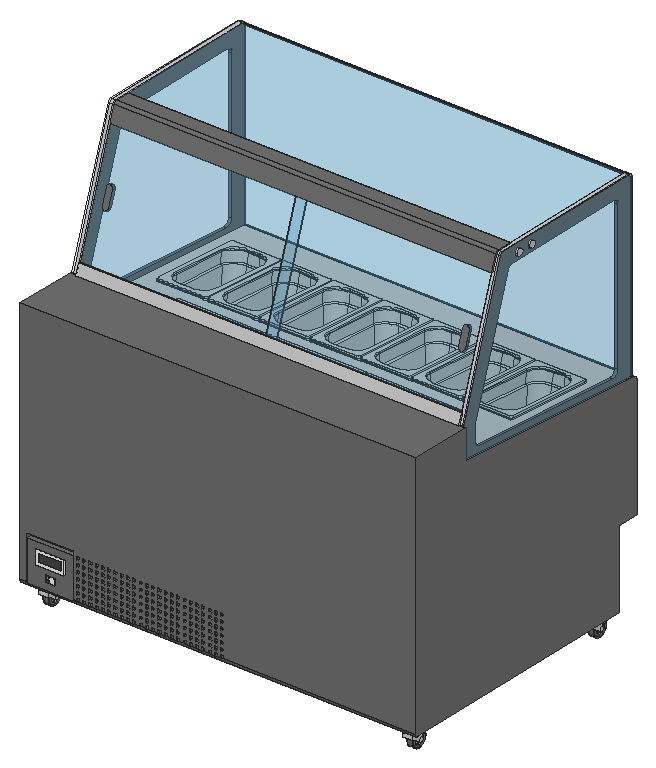
Revit family "QF_BLIZZARD_LUXE9_250923021445", category Specialty Equipment, Revit 2021
Family settings
  Round Connector Dimension = Use Diameter
  Part Type = Normal
  OmniClass Number = 23.40.40.14
  OmniClass Title = Food Service Equipment
  Work Plane-Based = No
  Always vertical = Yes
  Cut with Voids When Loaded = No
  Shared = No
  Room Calculation Point = No
Parameters (values of type "SUNDAE9")
  Weight [instance] = 279.00 kg
  Warranty Start Date [instance] = ""
  Warranty Duration [instance] = ""
  Volts [instance] = 230 V
  Volt Free Conn [instance] = no
  URL Recommended Spares List [instance] = ""
  URL Manufacturer [instance] = ""
  URL Cutsheet [instance] = ""
  URL Critical Spares List [instance] = ""
  URL = "www.blizzardequipment.com"
  Technical Documentation [instance] = ""
  Tag Number [instance] = ""
  Status [instance] = ""
  Start Up Current [instance] = 0 A
  Specification by User [instance] = ""
  Specification by Manufacturer [instance] = ""
  Sound Level [instance] = ""
  Show Logo [instance] = yes
  Show Clearances [instance] = yes
  Service Life Duration [instance] = ""
  Serial Number [instance] = ""
  Seismic Rating [instance] = ""
  SMACNA No [instance] = ""
  Revision Code [instance] = ""
  Revision [instance] = ""
  Production Year [instance] = ""
  Potential Equalisation [instance] = no
  Point Load [instance] = 0
  Phase [instance] = 1
  Other Equipment Approvals [instance] = ""
  Operational Current [instance] = 0 A
  Number of Poles [instance] = 2
  No Load Power Draw [instance] = no
  NAFEM Spec ID Number [instance] = ""
  Model Warning [instance] = ""
  Model = "LUXE9"
  Min Ckt Ampacity [instance] = 0 A
  Max Overcurrent Protection [instance] = 16 A
  Masterspec [instance] = ""
  Manufacturer = "BLIZZARD"
  Main switch integrated [instance] = no
  Length Actual [instance] = 1260 mm
  Item Number [instance] = ""
  Installed By [instance] = ""
  Installation Date [instance] = ""
  Identify Quantity as Lot [instance] = no
  ID [instance] = ""
  Hygiene Approval [instance] = ""
  Height Actual [instance] = 1300 mm
  HP power [instance] = ""
  Furnished By [instance] = ""
  Foodservice Equipment Identifier [instance] = no
  FL Amps [instance] = 13 A
  Electrical Remarks [instance] = ""
  Electric power [instance] = 2990 W
  Electric Connection Type [instance] = ""
  Elec Conn RI Height [instance] = 0 mm
  Elec Conn Connection Height [instance] = 0 mm
  ETL Approved [instance] = no
  Description = "9 PAN ICE CREAM SERVE OVER"
  Depth Actual [instance] = 880 mm
  Default Elevation = 0 mm
  Cycle [instance] = 50 Hz
  Cost = 4013
  Connection to energy optimisation system [instance] = yes
  Conn Plug [instance] = ""
  Conn Conduit [instance] = no
  Centralized building control system with digital interface [instance] = ""
  CSI MasterFormat [instance] = ""
  CE Approved [instance] = no
  Barcode [instance] = 0
  Author [instance] = ""
  Asset Identifier [instance] = ""
  Apparent Power [instance] = 2990 VA
  Accessory [instance] = no
Reference planes
  plane 1 "Center (Front/Back)": y = 0
  plane 2: z = 0
  plane 3 "Center (Left/Right)": x = 0
Forms (mm)
  Extrusion 1, solid, not visible
    sketch origin (100.005, -878.043, 110.005) x (1, 0, 0) y (0, 1, 0)
      loop
        line (-2, 2) -> (-2, -2) -> (2, -2) -> (2, 2) -> (-2, 2)
    from -2 to 2
Dimensions and locks
  locked: nested 2 to Extrusion 1 at 4
  locked: nested 2 to Extrusion 1 at 2
  aligned and locked: level to plane 2
Nested families
  nested 1: "QF_BLIZZARD_SUNDAE9_2920" at (0, 0, 0), type "SUNDAE9"
    with Weight 279.00 kg, Warranty Start Date "", Warranty Duration "", URL Cutsheet "", Technical Documentation "", Tag Number "", Status "", Specification by User "", Specification by Manufacturer "", Sound Level "", Solid Fuel Type "", Show Logo yes, Show Clearances yes, Service Life Duration "", Serial Number "", Seismic Rating "", SMACNA No "", Revision Code "", Revision "", Production Year "", Point Load 0, Other Equipment Approvals "", NAFEM Spec ID Number "", Model Warning "", Masterspec "", Length Actual 1260 mm, Item Number "", Installed By "", Installation Date "", Identify Quantity as Lot yes, ID "", Hygiene Approval "", Height Actual 1300 mm, Furnished By "", Foodservice Equipment Identifier yes, ETL Approved yes, Depth Actual 880 mm, CSI MasterFormat "", CE Approved yes, Barcode "", Asset Identifier "", Accessory no
  nested 2: "CONN_POINT_ELE_2D___Generic_Annotation" at (100.005, -880.043, 110.005), type "CONN_POINT_ELE_2D___Generic_Annotation"
    with Onboard connection annotation symbol visibility yes
Connectors
  electrical at (100.005, -880.043, 110.005), driven by "Apparent Power", driven by "Number of Poles", driven by "Volts"
    settings: on Extrusion 1, index 1, voltage 230 V, apparent load 0 VA, apparent load phase1 2990 VA, apparent load phase2 0 VA, apparent load phase3 0 VA, power factor 1, load classification "Other", number of poles 2, system type 31, power factor state 1, is connector primary yes, connector utility no, sub classification motor no, connector description "Electrical connection for LUXE9"
Definition of nested family "QF_BLIZZARD_SUNDAE9_2920"
  Parameters (values of type "SUNDAE9")
    Weight [instance] = 0.00 kg
    Warranty Start Date [instance] = ""
    Warranty Duration [instance] = ""
    URL Cutsheet [instance] = ""
    URL = "www.blizzardequipment.com"
    Technical Documentation [instance] = ""
    Tag Number [instance] = ""
    Status [instance] = ""
    Specification by User [instance] = ""
    Specification by Manufacturer [instance] = ""
    Sound Level [instance] = ""
    Solid Fuel Type [instance] = ""
    Show Logo [instance] = yes
    Show Clearances [instance] = yes
    Service Life Duration [instance] = ""
    Serial Number [instance] = ""
    Seismic Rating [instance] = ""
    SMACNA No [instance] = ""
    Revision Code [instance] = ""
    Revision [instance] = ""
    Production Year [instance] = ""
    Point Load [instance] = 0
    Other Equipment Approvals [instance] = ""
    NAFEM Spec ID Number [instance] = ""
    Model Warning [instance] = ""
    Model = "LUXE9"
    Masterspec [instance] = ""
    Manufacturer = "BLIZZARD"
    Length Actual [instance] = 0 mm
    Item Number [instance] = ""
    Installed By [instance] = ""
    Installation Date [instance] = ""
    Identify Quantity as Lot [instance] = yes
    ID [instance] = ""
    Hygiene Approval [instance] = ""
    Height Actual [instance] = 0 mm
    Furnished By [instance] = ""
    Foodservice Equipment Identifier [instance] = yes
    ETL Approved [instance] = yes
    Description = "9 PAN ICE CREAM SERVE OVER"
    Depth Actual [instance] = 0 mm
    Default Elevation = 0 mm
    CSI MasterFormat [instance] = ""
    CE Approved [instance] = yes
    Barcode [instance] = ""
    Author = "SPECIFI"
    Asset Identifier [instance] = ""
    Assembly Code = "E1090320"
    Accessory [instance] = yes
  Reference planes
    plane 1 "Back": y = 0
    plane 2: z = 0
    plane 3 "Left": x = 0
    plane 4 "Right": x = 1260
    plane 5 "Front": y = -880
    plane 6 "Top": z = 1300
  Forms (mm)
    Extrusion 1, solid
      sketch origin (1254.5, -20.5, -39.345) x (-1, 0, 0) y (0, -1, 0)
        loop
          line (56, 104) -> (58, 104)
          arc (58, 104) -> (44.5, 117.5) -> (31, 104) r 13.5
          line (31, 104) -> (33, 104)
          arc (33, 104) -> (44.5, 115.5) -> (56, 104) r 11.5
      from 61.345 to 98.345
    Extrusion 2, solid
      sketch origin (1223.5, -37.722, -47.526) x (0, 1, 0) y (0, 0, -1)
        loop
          line (-86.778, -84.526) -> (-86.778, -106.526) -> (-55.778, -106.526) -> (-55.778, -101.526) -> (-47.778, -72.526)
          arc (-47.778, -72.526) -> (-50.121, -66.869) -> (-55.778, -64.526) r 8
          line (-55.778, -64.526) -> (-86.778, -84.526)
      from 0 to 2
    Revolve 3, solid
      sketch origin (1241.5, -93.5, -25.119) x (-1, 0, 0) y (0, 0, -1)
        loop
          arc (23.5, -25.119) -> (22.086, -25.705) -> (21.5, -27.119) r 2
          line (21.5, -27.119) -> (21.5, -35.119) -> (41.5, -35.119) -> (41.5, -27.119)
          arc (41.5, -27.119) -> (40.914, -25.705) -> (39.5, -25.119) r 2
          line (39.5, -25.119) -> (23.5, -25.119)
        axis (21.5, -50.119) -> (41.5, -50.119)
      angle from 0 to 360
    Extrusion 4, solid
      sketch origin (1231.11, -17.705, -12.526) x (0, 1, 0) y (0, 0, -1)
        loop
          circle (-75.795, -37.526) r 6
      from 6.11 to 36.11
    Extrusion 5, solid
      sketch origin (1215, 628.948, -19.119) x (0, 1, 0) y (0, 0, -1)
        loop
          circle (-722.448, -44.119) r 13
      from 0 to 10
    Extrusion 6, solid
      sketch origin (-293.569, 626.454, 57) x (-1, 0, 0) y (0, -1, 0)
        loop
          arc (-1492.069, 750.954) -> (-1503.569, 762.454) -> (-1515.069, 750.954) r 11.5
          line (-1515.069, 750.954) -> (-1515.069, 719.954) -> (-1492.069, 719.954) -> (-1492.069, 750.954)
      from 0 to 2
    Revolve 7, solid
      sketch origin (1210, -160.579, -32) x (0, -1, 0) y (0, 0, -1)
        loop
          line (-22.579, -91) -> (-41.579, -91) -> (-41.579, -101) -> (-17.579, -101)
          arc (-17.579, -101) -> (-18.286, -100.707) -> (-18.579, -100) r 1
          line (-18.579, -100) -> (-18.579, -94)
          arc (-18.579, -94) -> (-18.872, -93.293) -> (-19.579, -93) r 1
          line (-19.579, -93) -> (-22.579, -93) -> (-22.579, -91)
        axis (-41.579, -91) -> (-41.579, -101)
      angle from 0 to 360
    Extrusion 8, solid
      sketch origin (1198.5, -37.722, -47.526) x (0, 1, 0) y (0, 0, -1)
        loop
          line (-86.778, -84.526) -> (-86.778, -106.526) -> (-55.778, -106.526) -> (-55.778, -101.526) -> (-47.778, -72.526)
          arc (-47.778, -72.526) -> (-50.121, -66.869) -> (-55.778, -64.526) r 8
          line (-55.778, -64.526) -> (-86.778, -84.526)
      from 0 to 2
    Extrusion 9, solid
      sketch origin (1500.983, -471.844, 169.646) x (0, 1, 0) y (0, 0, -1)
        loop
          circle (378.344, 144.646) r 15
        loop
          circle (378.344, 144.646) r 13
      from 280.983 to 300.983
    Extrusion 10, solid
      sketch origin (1481.573, -106.052, 69) x (-1, 0, 0) y (0, -1, 0)
        loop
          line (241.573, -17.052) -> (301.573, -17.052) -> (301.573, 42.948) -> (241.573, 42.948) -> (241.573, -17.052)
      from 0 to 2
    Extrusion 11, solid
      sketch origin (1254.5, -740.5, -39.345) x (-1, 0, 0) y (0, -1, 0)
        loop
          line (56, 104) -> (58, 104)
          arc (58, 104) -> (44.5, 117.5) -> (31, 104) r 13.5
          line (31, 104) -> (33, 104)
          arc (33, 104) -> (44.5, 115.5) -> (56, 104) r 11.5
      from 61.345 to 98.345
    Extrusion 12, solid
      sketch origin (1223.5, -757.722, -47.526) x (0, 1, 0) y (0, 0, -1)
        loop
          line (-86.778, -84.526) -> (-86.778, -106.526) -> (-55.778, -106.526) -> (-55.778, -101.526) -> (-47.778, -72.526)
          arc (-47.778, -72.526) -> (-50.121, -66.869) -> (-55.778, -64.526) r 8
          line (-55.778, -64.526) -> (-86.778, -84.526)
      from 0 to 2
    Revolve 13, solid
      sketch origin (1241.5, -813.5, -25.119) x (-1, 0, 0) y (0, 0, -1)
        loop
          arc (23.5, -25.119) -> (22.086, -25.705) -> (21.5, -27.119) r 2
          line (21.5, -27.119) -> (21.5, -35.119) -> (41.5, -35.119) -> (41.5, -27.119)
          arc (41.5, -27.119) -> (40.914, -25.705) -> (39.5, -25.119) r 2
          line (39.5, -25.119) -> (23.5, -25.119)
        axis (21.5, -50.119) -> (41.5, -50.119)
      angle from 0 to 360
    Extrusion 14, solid
      sketch origin (1231.11, -737.705, -12.526) x (0, 1, 0) y (0, 0, -1)
        loop
          circle (-75.795, -37.526) r 6
      from 6.11 to 36.11
    Extrusion 15, solid
      sketch origin (1215, -91.052, -19.119) x (0, 1, 0) y (0, 0, -1)
        loop
          circle (-722.448, -44.119) r 13
      from 0 to 10
    Extrusion 16, solid
      sketch origin (-293.569, -93.546, 57) x (-1, 0, 0) y (0, -1, 0)
        loop
          arc (-1492.069, 750.954) -> (-1503.569, 762.454) -> (-1515.069, 750.954) r 11.5
          line (-1515.069, 750.954) -> (-1515.069, 719.954) -> (-1492.069, 719.954) -> (-1492.069, 750.954)
      from 0 to 2
    Revolve 17, solid
      sketch origin (1210, -880.579, -32) x (0, -1, 0) y (0, 0, -1)
        loop
          line (-22.579, -91) -> (-41.579, -91) -> (-41.579, -101) -> (-17.579, -101)
          arc (-17.579, -101) -> (-18.286, -100.707) -> (-18.579, -100) r 1
          line (-18.579, -100) -> (-18.579, -94)
          arc (-18.579, -94) -> (-18.872, -93.293) -> (-19.579, -93) r 1
          line (-19.579, -93) -> (-22.579, -93) -> (-22.579, -91)
        axis (-41.579, -91) -> (-41.579, -101)
      angle from 0 to 360
    Extrusion 18, solid
      sketch origin (1198.5, -757.722, -47.526) x (0, 1, 0) y (0, 0, -1)
        loop
          line (-86.778, -84.526) -> (-86.778, -106.526) -> (-55.778, -106.526) -> (-55.778, -101.526) -> (-47.778, -72.526)
          arc (-47.778, -72.526) -> (-50.121, -66.869) -> (-55.778, -64.526) r 8
          line (-55.778, -64.526) -> (-86.778, -84.526)
      from 0 to 2
    Extrusion 19, solid
      sketch origin (1500.983, -1191.844, 169.646) x (0, 1, 0) y (0, 0, -1)
        loop
          circle (378.344, 144.646) r 15
        loop
          circle (378.344, 144.646) r 13
      from 280.983 to 300.983
    Extrusion 20, solid
      sketch origin (1481.573, -826.052, 69) x (-1, 0, 0) y (0, -1, 0)
        loop
          line (241.573, -17.052) -> (301.573, -17.052) -> (301.573, 42.948) -> (241.573, 42.948) -> (241.573, -17.052)
      from 0 to 2
    Extrusion 21, solid
      sketch origin (1220, -594, 0) x (0, -1, 0) y (0, 0, 1)
        loop
          line (-485, 57) -> (-510, 57) -> (-534.62, 61.341) -> (-534.967, 59.372) -> (-510.175, 55) -> (-485, 55) -> (-485, 57)
      from 0 to 20
    Extrusion 22, solid
      sketch origin (94.5, -20.5, -39.345) x (-1, 0, 0) y (0, -1, 0)
        loop
          line (56, 104) -> (58, 104)
          arc (58, 104) -> (44.5, 117.5) -> (31, 104) r 13.5
          line (31, 104) -> (33, 104)
          arc (33, 104) -> (44.5, 115.5) -> (56, 104) r 11.5
      from 61.345 to 98.345
    Extrusion 23, solid
      sketch origin (63.5, -37.722, -47.526) x (0, 1, 0) y (0, 0, -1)
        loop
          line (-86.778, -84.526) -> (-86.778, -106.526) -> (-55.778, -106.526) -> (-55.778, -101.526) -> (-47.778, -72.526)
          arc (-47.778, -72.526) -> (-50.121, -66.869) -> (-55.778, -64.526) r 8
          line (-55.778, -64.526) -> (-86.778, -84.526)
      from 0 to 2
    Revolve 24, solid
      sketch origin (81.5, -93.5, -25.119) x (-1, 0, 0) y (0, 0, -1)
        loop
          arc (23.5, -25.119) -> (22.086, -25.705) -> (21.5, -27.119) r 2
          line (21.5, -27.119) -> (21.5, -35.119) -> (41.5, -35.119) -> (41.5, -27.119)
          arc (41.5, -27.119) -> (40.914, -25.705) -> (39.5, -25.119) r 2
          line (39.5, -25.119) -> (23.5, -25.119)
        axis (21.5, -50.119) -> (41.5, -50.119)
      angle from 0 to 360
    Extrusion 25, solid
      sketch origin (71.11, -17.705, -12.526) x (0, 1, 0) y (0, 0, -1)
        loop
          circle (-75.795, -37.526) r 6
      from 6.11 to 36.11
    Extrusion 26, solid
      sketch origin (55, 628.948, -19.119) x (0, 1, 0) y (0, 0, -1)
        loop
          circle (-722.448, -44.119) r 13
      from 0 to 10
    Extrusion 27, solid
      sketch origin (-1453.569, 626.454, 57) x (-1, 0, 0) y (0, -1, 0)
        loop
          arc (-1492.069, 750.954) -> (-1503.569, 762.454) -> (-1515.069, 750.954) r 11.5
          line (-1515.069, 750.954) -> (-1515.069, 719.954) -> (-1492.069, 719.954) -> (-1492.069, 750.954)
      from 0 to 2
    Revolve 28, solid
      sketch origin (50, -160.579, -32) x (0, -1, 0) y (0, 0, -1)
        loop
          line (-22.579, -91) -> (-41.579, -91) -> (-41.579, -101) -> (-17.579, -101)
          arc (-17.579, -101) -> (-18.286, -100.707) -> (-18.579, -100) r 1
          line (-18.579, -100) -> (-18.579, -94)
          arc (-18.579, -94) -> (-18.872, -93.293) -> (-19.579, -93) r 1
          line (-19.579, -93) -> (-22.579, -93) -> (-22.579, -91)
        axis (-41.579, -91) -> (-41.579, -101)
      angle from 0 to 360
    Extrusion 29, solid
      sketch origin (38.5, -37.722, -47.526) x (0, 1, 0) y (0, 0, -1)
        loop
          line (-86.778, -84.526) -> (-86.778, -106.526) -> (-55.778, -106.526) -> (-55.778, -101.526) -> (-47.778, -72.526)
          arc (-47.778, -72.526) -> (-50.121, -66.869) -> (-55.778, -64.526) r 8
          line (-55.778, -64.526) -> (-86.778, -84.526)
      from 0 to 2
    Extrusion 30, solid
      sketch origin (340.983, -471.844, 169.646) x (0, 1, 0) y (0, 0, -1)
        loop
          circle (378.344, 144.646) r 15
        loop
          circle (378.344, 144.646) r 13
      from 280.983 to 300.983
    Extrusion 31, solid
      sketch origin (321.573, -106.052, 69) x (-1, 0, 0) y (0, -1, 0)
        loop
          line (241.573, -17.052) -> (301.573, -17.052) -> (301.573, 42.948) -> (241.573, 42.948) -> (241.573, -17.052)
      from 0 to 2
    Extrusion 32, solid
      sketch origin (94.5, -740.5, -39.345) x (-1, 0, 0) y (0, -1, 0)
        loop
          line (56, 104) -> (58, 104)
          arc (58, 104) -> (44.5, 117.5) -> (31, 104) r 13.5
          line (31, 104) -> (33, 104)
          arc (33, 104) -> (44.5, 115.5) -> (56, 104) r 11.5
      from 61.345 to 98.345
    Extrusion 33, solid
      sketch origin (63.5, -757.722, -47.526) x (0, 1, 0) y (0, 0, -1)
        loop
          line (-86.778, -84.526) -> (-86.778, -106.526) -> (-55.778, -106.526) -> (-55.778, -101.526) -> (-47.778, -72.526)
          arc (-47.778, -72.526) -> (-50.121, -66.869) -> (-55.778, -64.526) r 8
          line (-55.778, -64.526) -> (-86.778, -84.526)
      from 0 to 2
    Revolve 34, solid
      sketch origin (81.5, -813.5, -25.119) x (-1, 0, 0) y (0, 0, -1)
        loop
          arc (23.5, -25.119) -> (22.086, -25.705) -> (21.5, -27.119) r 2
          line (21.5, -27.119) -> (21.5, -35.119) -> (41.5, -35.119) -> (41.5, -27.119)
          arc (41.5, -27.119) -> (40.914, -25.705) -> (39.5, -25.119) r 2
          line (39.5, -25.119) -> (23.5, -25.119)
        axis (21.5, -50.119) -> (41.5, -50.119)
      angle from 0 to 360
    Extrusion 35, solid
      sketch origin (71.11, -737.705, -12.526) x (0, 1, 0) y (0, 0, -1)
        loop
          circle (-75.795, -37.526) r 6
      from 6.11 to 36.11
    Extrusion 36, solid
      sketch origin (55, -91.052, -19.119) x (0, 1, 0) y (0, 0, -1)
        loop
          circle (-722.448, -44.119) r 13
      from 0 to 10
    Extrusion 37, solid
      sketch origin (-1453.569, -93.546, 57) x (-1, 0, 0) y (0, -1, 0)
        loop
          arc (-1492.069, 750.954) -> (-1503.569, 762.454) -> (-1515.069, 750.954) r 11.5
          line (-1515.069, 750.954) -> (-1515.069, 719.954) -> (-1492.069, 719.954) -> (-1492.069, 750.954)
      from 0 to 2
    Revolve 38, solid
      sketch origin (50, -880.579, -32) x (0, -1, 0) y (0, 0, -1)
        loop
          line (-22.579, -91) -> (-41.579, -91) -> (-41.579, -101) -> (-17.579, -101)
          arc (-17.579, -101) -> (-18.286, -100.707) -> (-18.579, -100) r 1
          line (-18.579, -100) -> (-18.579, -94)
          arc (-18.579, -94) -> (-18.872, -93.293) -> (-19.579, -93) r 1
          line (-19.579, -93) -> (-22.579, -93) -> (-22.579, -91)
        axis (-41.579, -91) -> (-41.579, -101)
      angle from 0 to 360
    Extrusion 39, solid
      sketch origin (38.5, -757.722, -47.526) x (0, 1, 0) y (0, 0, -1)
        loop
          line (-86.778, -84.526) -> (-86.778, -106.526) -> (-55.778, -106.526) -> (-55.778, -101.526) -> (-47.778, -72.526)
          arc (-47.778, -72.526) -> (-50.121, -66.869) -> (-55.778, -64.526) r 8
          line (-55.778, -64.526) -> (-86.778, -84.526)
      from 0 to 2
    Extrusion 40, solid
      sketch origin (340.983, -1191.844, 169.646) x (0, 1, 0) y (0, 0, -1)
        loop
          circle (378.344, 144.646) r 15
        loop
          circle (378.344, 144.646) r 13
      from 280.983 to 300.983
    Extrusion 41, solid
      sketch origin (321.573, -826.052, 69) x (-1, 0, 0) y (0, -1, 0)
        loop
          line (241.573, -17.052) -> (301.573, -17.052) -> (301.573, 42.948) -> (241.573, 42.948) -> (241.573, -17.052)
      from 0 to 2
    Extrusion 42, solid
      sketch origin (60, -594, 0) x (0, -1, 0) y (0, 0, 1)
        loop
          line (-485, 57) -> (-510, 57) -> (-534.62, 61.341) -> (-534.967, 59.372) -> (-510.175, 55) -> (-485, 55) -> (-485, 57)
      from 0 to 20
    Extrusion 43, void
      sketch origin (1250, -879, 0) x (0, -1, 0) y (0, 0, 1)
        loop
          line (-10.5, 52.484) -> (-34.5, 37) -> (-34.5, 57) -> (-58.5, 57) -> (-58.5, 22) -> (-10.5, 22) -> (-10.5, 52.484)
      from 26.5 to 53.5
    Extrusion 44, void
      sketch origin (1250, -159, 0) x (0, -1, 0) y (0, 0, 1)
        loop
          line (-10.5, 52.484) -> (-34.5, 37) -> (-34.5, 57) -> (-58.5, 57) -> (-58.5, 22) -> (-10.5, 22) -> (-10.5, 52.484)
      from 26.5 to 53.5
    Extrusion 45, void
      sketch origin (90, -879, 0) x (0, -1, 0) y (0, 0, 1)
        loop
          line (-10.5, 52.484) -> (-34.5, 37) -> (-34.5, 57) -> (-58.5, 57) -> (-58.5, 22) -> (-10.5, 22) -> (-10.5, 52.484)
      from 26.5 to 53.5
    Extrusion 46, void
      sketch origin (90, -159, 0) x (0, -1, 0) y (0, 0, 1)
        loop
          line (-10.5, 52.484) -> (-34.5, 37) -> (-34.5, 57) -> (-58.5, 57) -> (-58.5, 22) -> (-10.5, 22) -> (-10.5, 52.484)
      from 26.5 to 53.5
    Extrusion 47, solid
      sketch origin (1275, -843.5, 665) x (0, -1, 0) y (0, 0, 1)
        loop
          line (-834.5, 625) -> (-834.5, 54) -> (-829.5, 54) -> (-829.5, 625)
          arc (-829.5, 625) -> (-828.036, 628.536) -> (-824.5, 630) r 5
          line (-824.5, 630) -> (-370.038, 630) -> (-370.038, 635) -> (-824.5, 635)
          arc (-824.5, 635) -> (-831.571, 632.071) -> (-834.5, 625) r 10
      from 35 to 1255
    Extrusion 48, solid
      sketch origin (1260, -463.462, 706) x (0, -1, 0) y (0, 0, 1)
        loop
          circle (-50, 569) r 10
      from 0 to 5
    Extrusion 49, solid
      sketch origin (1285, -911, 547) x (0, -1, 0) y (0, 0, 1)
        loop
          line (-387.538, 751) -> (-892, 751)
          arc (-892, 751) -> (-897.657, 748.657) -> (-900, 743) r 8
          line (-900, 743) -> (-900, 172) -> (-232, 172) -> (-232, 315.857) -> (-379.974, 745.605)
          arc (-379.974, 745.605) -> (-382.893, 749.513) -> (-387.538, 751) r 8
        loop
          line (-283.09, 316.797) -> (-411.425, 689.511)
          arc (-411.425, 689.511) -> (-418.722, 699.282) -> (-430.336, 703) r 20
          line (-430.336, 703) -> (-832, 703)
          arc (-832, 703) -> (-846.142, 697.142) -> (-852, 683) r 20
          line (-852, 683) -> (-852, 213.678)
          arc (-852, 213.678) -> (-845.562, 198.978) -> (-830.392, 193.743) r 20
          line (-830.392, 193.743) -> (-300.392, 236.484)
          arc (-300.392, 236.484) -> (-287.3, 242.858) -> (-282, 256.42) r 20
          line (-282, 256.42) -> (-282, 310.286)
          arc (-282, 310.286) -> (-282.274, 313.587) -> (-283.09, 316.797) r 20
      from 35 to 45
    Extrusion 50, solid
      sketch origin (1260, -413.462, 706) x (0, 1, 0) y (0, 0, -1)
        loop
          circle (-50, -569) r 10
      from 0 to 5
    Extrusion 51, solid
      sketch origin (0, -463.462, 706) x (0, -1, 0) y (0, 0, -1)
        loop
          circle (-50, -569) r 10
      from 0 to 5
    Extrusion 52, solid
      sketch origin (0, -413.462, 706) x (0, 1, 0) y (0, 0, 1)
        loop
          circle (-50, 569) r 10
      from 0 to 5
    Extrusion 53, solid
      sketch origin (890, -901, -7) x (0, -1, 0) y (0, 0, -1)
        loop
          line (-222, -876) -> (-22, -876) -> (-22, -88)
          arc (-22, -88) -> (-24.929, -80.929) -> (-32, -78) r 10
          line (-32, -78) -> (-832, -78) -> (-832, -328) -> (-902, -328) -> (-902, -716)
          arc (-902, -716) -> (-899.071, -723.071) -> (-892, -726) r 10
          line (-892, -726) -> (-222, -780.032) -> (-222, -876)
      from -890 to 370
    Extrusion 54, solid
      sketch origin (1235, -520.693, -9.47) x (0, -0.919003, -0.39425) y (0, -0.39425, 0.919003)
        loop
          line (-222.149, 893.201) -> (-468.767, 1165) -> (-472.47, 1161.64) -> (-225.852, 889.842) -> (-222.149, 893.201)
      from -5 to 620
    Extrusion 55, solid
      sketch origin (5, -514.488, -6.809) x (0, -0.919003, -0.39425) y (0, -0.39425, 0.919003)
        loop
          line (-219.1, 889.842) -> (-465.718, 1161.64) -> (-469.421, 1158.28) -> (-222.803, 886.482) -> (-219.1, 889.842)
      from -640 to -15
    Extrusion 56, solid
      sketch origin (1280, -520.693, -9.47) x (0, -0.919003, -0.39425) y (0, -0.39425, 0.919003)
        loop
          line (-197.936, 870.981) -> (-219.927, 895.217) -> (-231.777, 884.466) -> (-185.109, 833.034) -> (-200.852, 869.73) -> (-197.936, 870.981)
      from 40 to 1260
    Extrusion 57, solid
      sketch origin (1767.067, -944.18, 101.934) x (-1, 0, 0) y (0, 0.325568, 0.945519)
        loop
          line (557.067, 1051.807) -> (557.067, 1001.807)
          arc (557.067, 1001.807) -> (567.067, 991.807) -> (577.067, 1001.807) r 10
          line (577.067, 1001.807) -> (577.067, 1051.807)
          arc (577.067, 1051.807) -> (567.067, 1061.807) -> (557.067, 1051.807) r 10
      from 0 to 7
    Extrusion 58, solid
      sketch origin (627.067, -939.452, 100.306) x (-1, 0, 0) y (0, 0.325568, 0.945519)
        loop
          arc (577.067, 1051.807) -> (567.067, 1061.807) -> (557.067, 1051.807) r 10
          line (557.067, 1051.807) -> (557.067, 1001.807)
          arc (557.067, 1001.807) -> (567.067, 991.807) -> (577.067, 1001.807) r 10
          line (577.067, 1001.807) -> (577.067, 1051.807)
      from 0 to 7
    Extrusion 59, solid
      sketch origin (1290, -901, 547) x (0, -1, 0) y (0, 0, 1)
        loop
          line (-377.538, 753) -> (-882, 753)
          arc (-882, 753) -> (-889.071, 750.071) -> (-892, 743) r 10
          line (-892, 743) -> (-892, 172) -> (-222, 172) -> (-222, 322) -> (-368.083, 746.256)
          arc (-368.083, 746.256) -> (-371.731, 751.141) -> (-377.538, 753) r 10
      from 35 to 40
    Extrusion 60, solid
      sketch origin (1285, -861, 547) x (0, -1, 0) y (0, 0, 1)
        loop
          line (-337.538, 753) -> (-842, 753)
          arc (-842, 753) -> (-849.071, 750.071) -> (-852, 743) r 10
          line (-852, 743) -> (-852, 172) -> (-850, 172) -> (-850, 743)
          arc (-850, 743) -> (-847.657, 748.657) -> (-842, 751) r 8
          line (-842, 751) -> (-337.538, 751)
          arc (-337.538, 751) -> (-332.893, 749.513) -> (-329.974, 745.605) r 8
          line (-329.974, 745.605) -> (-182, 315.857) -> (-182, 322) -> (-328.083, 746.256)
          arc (-328.083, 746.256) -> (-331.731, 751.141) -> (-337.538, 753) r 10
      from 35 to 45
    Extrusion 61, solid
      sketch origin (1240, -879, 0) x (0, -1, 0) y (0, 0, 1)
        loop
          line (-355.538, 1300) -> (-405.538, 1300) -> (-405.538, 1250) -> (-398.336, 1250)
          arc (-398.336, 1250) -> (-386.722, 1246.282) -> (-379.425, 1236.511) r 20
          line (-379.425, 1236.511) -> (-377.08, 1229.701) -> (-329.805, 1245.98) -> (-346.083, 1293.256)
          arc (-346.083, 1293.256) -> (-349.731, 1298.141) -> (-355.538, 1300) r 10
      from 0 to 1220
    Extrusion 62, solid
      sketch origin (-25, -911, 547) x (0, -1, 0) y (0, 0, -1)
        loop
          arc (-387.538, -751) -> (-382.893, -749.513) -> (-379.974, -745.605) r 8
          line (-379.974, -745.605) -> (-232, -315.857) -> (-232, -172) -> (-900, -172) -> (-900, -743)
          arc (-900, -743) -> (-897.657, -748.657) -> (-892, -751) r 8
          line (-892, -751) -> (-387.538, -751)
        loop
          arc (-283.09, -316.797) -> (-282.274, -313.587) -> (-282, -310.286) r 20
          line (-282, -310.286) -> (-282, -256.42)
          arc (-282, -256.42) -> (-287.3, -242.858) -> (-300.392, -236.484) r 20
          line (-300.392, -236.484) -> (-830.392, -193.743)
          arc (-830.392, -193.743) -> (-845.562, -198.978) -> (-852, -213.678) r 20
          line (-852, -213.678) -> (-852, -683)
          arc (-852, -683) -> (-846.142, -697.142) -> (-832, -703) r 20
          line (-832, -703) -> (-430.336, -703)
          arc (-430.336, -703) -> (-418.722, -699.282) -> (-411.425, -689.511) r 20
          line (-411.425, -689.511) -> (-283.09, -316.797)
      from 35 to 45
    Extrusion 63, solid
      sketch origin (-30, -901, 547) x (0, -1, 0) y (0, 0, -1)
        loop
          arc (-377.538, -753) -> (-371.731, -751.141) -> (-368.083, -746.256) r 10
          line (-368.083, -746.256) -> (-222, -322) -> (-222, -172) -> (-892, -172) -> (-892, -743)
          arc (-892, -743) -> (-889.071, -750.071) -> (-882, -753) r 10
          line (-882, -753) -> (-377.538, -753)
      from 35 to 40
    Extrusion 64, solid
      sketch origin (-25, -861, 547) x (0, -1, 0) y (0, 0, -1)
        loop
          arc (-337.538, -753) -> (-331.731, -751.141) -> (-328.083, -746.256) r 10
          line (-328.083, -746.256) -> (-182, -322) -> (-182, -315.857) -> (-329.974, -745.605)
          arc (-329.974, -745.605) -> (-332.893, -749.513) -> (-337.538, -751) r 8
          line (-337.538, -751) -> (-842, -751)
          arc (-842, -751) -> (-847.657, -748.657) -> (-850, -743) r 8
          line (-850, -743) -> (-850, -172) -> (-852, -172) -> (-852, -743)
          arc (-852, -743) -> (-849.071, -750.071) -> (-842, -753) r 10
          line (-842, -753) -> (-337.538, -753)
      from 35 to 45
    Sweep 65, solid
      path origin (870, -390, 608.268) x (0, 0.996764, -0.080384) y (-1, 0, 0)
        loop
          line (22.985, -289.089) -> (202.015, -289.089)
          arc (202.015, -289.089) -> (219.402, -281.887) -> (226.604, -264.5) r 24.589
          line (226.604, -264.5) -> (226.604, -227.5)
          arc (226.604, -227.5) -> (219.402, -210.113) -> (202.015, -202.911) r 24.589
          line (202.015, -202.911) -> (22.985, -202.911)
          arc (22.985, -202.911) -> (5.598, -210.113) -> (-1.604, -227.5) r 24.589
          line (-1.604, -227.5) -> (-1.604, -264.5)
          arc (-1.604, -264.5) -> (5.598, -281.887) -> (22.985, -289.089) r 24.589
      profile origin (1159.089, -277.864, 599.225) x (-1, 0, 0) y (0, 0.080384, 0.996764)
        loop
          arc (0, 2) -> (-9.637, 5.845) -> (-13.981, 15.267) r 14
          line (-13.981, 15.267) -> (-18.689, 105.106) -> (-23.411, 109.828) -> (-23.411, 143) -> (-25.411, 143) -> (-25.411, 109) -> (-20.646, 104.235) -> (-15.978, 15.163)
          arc (-15.978, 15.163) -> (-11.014, 4.394) -> (0, 0) r 16
          line (0, 0) -> (0, 2)
    Extrusion 66, solid
      sketch origin (870, -389.598, 613.252) x (0, 0.996764, -0.080384) y (-1, 0, 0)
        loop
          line (-40, -174) -> (-40, -318)
          arc (-40, -318) -> (-37.364, -324.364) -> (-31, -327) r 9
          line (-31, -327) -> (256, -327)
          arc (256, -327) -> (262.364, -324.364) -> (265, -318) r 9
          line (265, -318) -> (265, -174)
          arc (265, -174) -> (262.364, -167.636) -> (256, -165) r 9
          line (256, -165) -> (-31, -165)
          arc (-31, -165) -> (-37.364, -167.636) -> (-40, -174) r 9
        loop
          arc (-25.015, -264.5) -> (-10.957, -298.441) -> (22.985, -312.5) r 48
          line (22.985, -312.5) -> (202.2, -312.5)
          arc (202.2, -312.5) -> (236.011, -298.495) -> (250.015, -264.685) r 47.815
          line (250.015, -264.685) -> (250.015, -227.5)
          arc (250.015, -227.5) -> (235.957, -193.559) -> (202.015, -179.5) r 48
          line (202.015, -179.5) -> (22.985, -179.5)
          arc (22.985, -179.5) -> (-10.957, -193.559) -> (-25.015, -227.5) r 48
          line (-25.015, -227.5) -> (-25.015, -264.5)
      from 138 to 140
    Extrusion 67, solid
      sketch origin (870, -389.598, 613.252) x (0, 0.996764, -0.080384) y (-1, 0, 0)
        loop
          arc (-37, -318) -> (-35.243, -322.243) -> (-31, -324) r 6
          line (-31, -324) -> (256, -324)
          arc (256, -324) -> (260.243, -322.243) -> (262, -318) r 6
          line (262, -318) -> (262, -174)
          arc (262, -174) -> (260.243, -169.757) -> (256, -168) r 6
          line (256, -168) -> (-31, -168)
          arc (-31, -168) -> (-35.243, -169.757) -> (-37, -174) r 6
          line (-37, -174) -> (-37, -318)
        loop
          arc (-25.015, -264.5) -> (-10.957, -298.441) -> (22.985, -312.5) r 48
          line (22.985, -312.5) -> (202.015, -312.5)
          arc (202.015, -312.5) -> (235.957, -298.441) -> (250.015, -264.5) r 48
          line (250.015, -264.5) -> (250.015, -227.5)
          arc (250.015, -227.5) -> (235.957, -193.559) -> (202.015, -179.5) r 48
          line (202.015, -179.5) -> (22.985, -179.5)
          arc (22.985, -179.5) -> (-10.957, -193.559) -> (-25.015, -227.5) r 48
          line (-25.015, -227.5) -> (-25.015, -264.5)
      from 140 to 145
    Extrusion 68, solid
      sketch origin (870, 28.641, 574.507) x (0, 0.996764, -0.080384) y (-1, 0, 0)
        loop
          arc (-397.015, -202.911) -> (-414.402, -210.113) -> (-421.604, -227.5) r 24.589
          line (-421.604, -227.5) -> (-421.604, -264.5)
          arc (-421.604, -264.5) -> (-414.402, -281.887) -> (-397.015, -289.089) r 24.589
          line (-397.015, -289.089) -> (-217.8, -289.089)
          arc (-217.8, -289.089) -> (-200.544, -281.941) -> (-193.396, -264.685) r 24.404
          line (-193.396, -264.685) -> (-193.396, -227.315)
          arc (-193.396, -227.315) -> (-200.544, -210.059) -> (-217.8, -202.911) r 24.404
          line (-217.8, -202.911) -> (-397.015, -202.911)
      from 0 to 2
    Sweep 69, solid
      path origin (708, -390, 608.268) x (0, 0.996764, -0.080384) y (-1, 0, 0)
        loop
          line (22.985, -289.089) -> (202.015, -289.089)
          arc (202.015, -289.089) -> (219.402, -281.887) -> (226.604, -264.5) r 24.589
          line (226.604, -264.5) -> (226.604, -227.5)
          arc (226.604, -227.5) -> (219.402, -210.113) -> (202.015, -202.911) r 24.589
          line (202.015, -202.911) -> (22.985, -202.911)
          arc (22.985, -202.911) -> (5.598, -210.113) -> (-1.604, -227.5) r 24.589
          line (-1.604, -227.5) -> (-1.604, -264.5)
          arc (-1.604, -264.5) -> (5.598, -281.887) -> (22.985, -289.089) r 24.589
      profile origin (997.089, -277.864, 599.225) x (-1, 0, 0) y (0, 0.080384, 0.996764)
        loop
          arc (0, 2) -> (-9.637, 5.845) -> (-13.981, 15.267) r 14
          line (-13.981, 15.267) -> (-18.689, 105.106) -> (-23.411, 109.828) -> (-23.411, 143) -> (-25.411, 143) -> (-25.411, 109) -> (-20.646, 104.235) -> (-15.978, 15.163)
          arc (-15.978, 15.163) -> (-11.014, 4.394) -> (0, 0) r 16
          line (0, 0) -> (0, 2)
    Extrusion 70, solid
      sketch origin (708, -389.598, 613.252) x (0, 0.996764, -0.080384) y (-1, 0, 0)
        loop
          line (-40, -174) -> (-40, -318)
          arc (-40, -318) -> (-37.364, -324.364) -> (-31, -327) r 9
          line (-31, -327) -> (256, -327)
          arc (256, -327) -> (262.364, -324.364) -> (265, -318) r 9
          line (265, -318) -> (265, -174)
          arc (265, -174) -> (262.364, -167.636) -> (256, -165) r 9
          line (256, -165) -> (-31, -165)
          arc (-31, -165) -> (-37.364, -167.636) -> (-40, -174) r 9
        loop
          arc (-25.015, -264.5) -> (-10.957, -298.441) -> (22.985, -312.5) r 48
          line (22.985, -312.5) -> (202.2, -312.5)
          arc (202.2, -312.5) -> (236.011, -298.495) -> (250.015, -264.685) r 47.815
          line (250.015, -264.685) -> (250.015, -227.5)
          arc (250.015, -227.5) -> (235.957, -193.559) -> (202.015, -179.5) r 48
          line (202.015, -179.5) -> (22.985, -179.5)
          arc (22.985, -179.5) -> (-10.957, -193.559) -> (-25.015, -227.5) r 48
          line (-25.015, -227.5) -> (-25.015, -264.5)
      from 138 to 140
    Extrusion 71, solid
      sketch origin (708, -389.598, 613.252) x (0, 0.996764, -0.080384) y (-1, 0, 0)
        loop
          arc (-37, -318) -> (-35.243, -322.243) -> (-31, -324) r 6
          line (-31, -324) -> (256, -324)
          arc (256, -324) -> (260.243, -322.243) -> (262, -318) r 6
          line (262, -318) -> (262, -174)
          arc (262, -174) -> (260.243, -169.757) -> (256, -168) r 6
          line (256, -168) -> (-31, -168)
          arc (-31, -168) -> (-35.243, -169.757) -> (-37, -174) r 6
          line (-37, -174) -> (-37, -318)
        loop
          arc (-25.015, -264.5) -> (-10.957, -298.441) -> (22.985, -312.5) r 48
          line (22.985, -312.5) -> (202.015, -312.5)
          arc (202.015, -312.5) -> (235.957, -298.441) -> (250.015, -264.5) r 48
          line (250.015, -264.5) -> (250.015, -227.5)
          arc (250.015, -227.5) -> (235.957, -193.559) -> (202.015, -179.5) r 48
          line (202.015, -179.5) -> (22.985, -179.5)
          arc (22.985, -179.5) -> (-10.957, -193.559) -> (-25.015, -227.5) r 48
          line (-25.015, -227.5) -> (-25.015, -264.5)
      from 140 to 145
    Extrusion 72, solid
      sketch origin (708, 28.641, 574.507) x (0, 0.996764, -0.080384) y (-1, 0, 0)
        loop
          arc (-397.015, -202.911) -> (-414.402, -210.113) -> (-421.604, -227.5) r 24.589
          line (-421.604, -227.5) -> (-421.604, -264.5)
          arc (-421.604, -264.5) -> (-414.402, -281.887) -> (-397.015, -289.089) r 24.589
          line (-397.015, -289.089) -> (-217.8, -289.089)
          arc (-217.8, -289.089) -> (-200.544, -281.941) -> (-193.396, -264.685) r 24.404
          line (-193.396, -264.685) -> (-193.396, -227.315)
          arc (-193.396, -227.315) -> (-200.544, -210.059) -> (-217.8, -202.911) r 24.404
          line (-217.8, -202.911) -> (-397.015, -202.911)
      from 0 to 2
    Sweep 73, solid
      path origin (546, -390, 608.268) x (0, 0.996764, -0.080384) y (-1, 0, 0)
        loop
          line (22.985, -289.089) -> (202.015, -289.089)
          arc (202.015, -289.089) -> (219.402, -281.887) -> (226.604, -264.5) r 24.589
          line (226.604, -264.5) -> (226.604, -227.5)
          arc (226.604, -227.5) -> (219.402, -210.113) -> (202.015, -202.911) r 24.589
          line (202.015, -202.911) -> (22.985, -202.911)
          arc (22.985, -202.911) -> (5.598, -210.113) -> (-1.604, -227.5) r 24.589
          line (-1.604, -227.5) -> (-1.604, -264.5)
          arc (-1.604, -264.5) -> (5.598, -281.887) -> (22.985, -289.089) r 24.589
      profile origin (835.089, -277.864, 599.225) x (-1, 0, 0) y (0, 0.080384, 0.996764)
        loop
          arc (0, 2) -> (-9.637, 5.845) -> (-13.981, 15.267) r 14
          line (-13.981, 15.267) -> (-18.689, 105.106) -> (-23.411, 109.828) -> (-23.411, 143) -> (-25.411, 143) -> (-25.411, 109) -> (-20.646, 104.235) -> (-15.978, 15.163)
          arc (-15.978, 15.163) -> (-11.014, 4.394) -> (0, 0) r 16
          line (0, 0) -> (0, 2)
    Extrusion 74, solid
      sketch origin (546, -389.598, 613.252) x (0, 0.996764, -0.080384) y (-1, 0, 0)
        loop
          line (-40, -174) -> (-40, -318)
          arc (-40, -318) -> (-37.364, -324.364) -> (-31, -327) r 9
          line (-31, -327) -> (256, -327)
          arc (256, -327) -> (262.364, -324.364) -> (265, -318) r 9
          line (265, -318) -> (265, -174)
          arc (265, -174) -> (262.364, -167.636) -> (256, -165) r 9
          line (256, -165) -> (-31, -165)
          arc (-31, -165) -> (-37.364, -167.636) -> (-40, -174) r 9
        loop
          arc (-25.015, -264.5) -> (-10.957, -298.441) -> (22.985, -312.5) r 48
          line (22.985, -312.5) -> (202.2, -312.5)
          arc (202.2, -312.5) -> (236.011, -298.495) -> (250.015, -264.685) r 47.815
          line (250.015, -264.685) -> (250.015, -227.5)
          arc (250.015, -227.5) -> (235.957, -193.559) -> (202.015, -179.5) r 48
          line (202.015, -179.5) -> (22.985, -179.5)
          arc (22.985, -179.5) -> (-10.957, -193.559) -> (-25.015, -227.5) r 48
          line (-25.015, -227.5) -> (-25.015, -264.5)
      from 138 to 140
    Extrusion 75, solid
      sketch origin (546, -389.598, 613.252) x (0, 0.996764, -0.080384) y (-1, 0, 0)
        loop
          arc (-37, -318) -> (-35.243, -322.243) -> (-31, -324) r 6
          line (-31, -324) -> (256, -324)
          arc (256, -324) -> (260.243, -322.243) -> (262, -318) r 6
          line (262, -318) -> (262, -174)
          arc (262, -174) -> (260.243, -169.757) -> (256, -168) r 6
          line (256, -168) -> (-31, -168)
          arc (-31, -168) -> (-35.243, -169.757) -> (-37, -174) r 6
          line (-37, -174) -> (-37, -318)
        loop
          arc (-25.015, -264.5) -> (-10.957, -298.441) -> (22.985, -312.5) r 48
          line (22.985, -312.5) -> (202.015, -312.5)
          arc (202.015, -312.5) -> (235.957, -298.441) -> (250.015, -264.5) r 48
          line (250.015, -264.5) -> (250.015, -227.5)
          arc (250.015, -227.5) -> (235.957, -193.559) -> (202.015, -179.5) r 48
          line (202.015, -179.5) -> (22.985, -179.5)
          arc (22.985, -179.5) -> (-10.957, -193.559) -> (-25.015, -227.5) r 48
          line (-25.015, -227.5) -> (-25.015, -264.5)
      from 140 to 145
    Extrusion 76, solid
      sketch origin (546, 28.641, 574.507) x (0, 0.996764, -0.080384) y (-1, 0, 0)
        loop
          arc (-397.015, -202.911) -> (-414.402, -210.113) -> (-421.604, -227.5) r 24.589
          line (-421.604, -227.5) -> (-421.604, -264.5)
          arc (-421.604, -264.5) -> (-414.402, -281.887) -> (-397.015, -289.089) r 24.589
          line (-397.015, -289.089) -> (-217.8, -289.089)
          arc (-217.8, -289.089) -> (-200.544, -281.941) -> (-193.396, -264.685) r 24.404
          line (-193.396, -264.685) -> (-193.396, -227.315)
          arc (-193.396, -227.315) -> (-200.544, -210.059) -> (-217.8, -202.911) r 24.404
          line (-217.8, -202.911) -> (-397.015, -202.911)
      from 0 to 2
    Sweep 77, solid
      path origin (384, -390, 608.268) x (0, 0.996764, -0.080384) y (-1, 0, 0)
        loop
          line (22.985, -289.089) -> (202.015, -289.089)
          arc (202.015, -289.089) -> (219.402, -281.887) -> (226.604, -264.5) r 24.589
          line (226.604, -264.5) -> (226.604, -227.5)
          arc (226.604, -227.5) -> (219.402, -210.113) -> (202.015, -202.911) r 24.589
          line (202.015, -202.911) -> (22.985, -202.911)
          arc (22.985, -202.911) -> (5.598, -210.113) -> (-1.604, -227.5) r 24.589
          line (-1.604, -227.5) -> (-1.604, -264.5)
          arc (-1.604, -264.5) -> (5.598, -281.887) -> (22.985, -289.089) r 24.589
      profile origin (673.089, -277.864, 599.225) x (-1, 0, 0) y (0, 0.080384, 0.996764)
        loop
          arc (0, 2) -> (-9.637, 5.845) -> (-13.981, 15.267) r 14
          line (-13.981, 15.267) -> (-18.689, 105.106) -> (-23.411, 109.828) -> (-23.411, 143) -> (-25.411, 143) -> (-25.411, 109) -> (-20.646, 104.235) -> (-15.978, 15.163)
          arc (-15.978, 15.163) -> (-11.014, 4.394) -> (0, 0) r 16
          line (0, 0) -> (0, 2)
    Extrusion 78, solid
      sketch origin (384, -389.598, 613.252) x (0, 0.996764, -0.080384) y (-1, 0, 0)
        loop
          line (-40, -174) -> (-40, -318)
          arc (-40, -318) -> (-37.364, -324.364) -> (-31, -327) r 9
          line (-31, -327) -> (256, -327)
          arc (256, -327) -> (262.364, -324.364) -> (265, -318) r 9
          line (265, -318) -> (265, -174)
          arc (265, -174) -> (262.364, -167.636) -> (256, -165) r 9
          line (256, -165) -> (-31, -165)
          arc (-31, -165) -> (-37.364, -167.636) -> (-40, -174) r 9
        loop
          arc (-25.015, -264.5) -> (-10.957, -298.441) -> (22.985, -312.5) r 48
          line (22.985, -312.5) -> (202.2, -312.5)
          arc (202.2, -312.5) -> (236.011, -298.495) -> (250.015, -264.685) r 47.815
          line (250.015, -264.685) -> (250.015, -227.5)
          arc (250.015, -227.5) -> (235.957, -193.559) -> (202.015, -179.5) r 48
          line (202.015, -179.5) -> (22.985, -179.5)
          arc (22.985, -179.5) -> (-10.957, -193.559) -> (-25.015, -227.5) r 48
          line (-25.015, -227.5) -> (-25.015, -264.5)
      from 138 to 140
    Extrusion 79, solid
      sketch origin (384, -389.598, 613.252) x (0, 0.996764, -0.080384) y (-1, 0, 0)
        loop
          arc (-37, -318) -> (-35.243, -322.243) -> (-31, -324) r 6
          line (-31, -324) -> (256, -324)
          arc (256, -324) -> (260.243, -322.243) -> (262, -318) r 6
          line (262, -318) -> (262, -174)
          arc (262, -174) -> (260.243, -169.757) -> (256, -168) r 6
          line (256, -168) -> (-31, -168)
          arc (-31, -168) -> (-35.243, -169.757) -> (-37, -174) r 6
          line (-37, -174) -> (-37, -318)
        loop
          arc (-25.015, -264.5) -> (-10.957, -298.441) -> (22.985, -312.5) r 48
          line (22.985, -312.5) -> (202.015, -312.5)
          arc (202.015, -312.5) -> (235.957, -298.441) -> (250.015, -264.5) r 48
          line (250.015, -264.5) -> (250.015, -227.5)
          arc (250.015, -227.5) -> (235.957, -193.559) -> (202.015, -179.5) r 48
          line (202.015, -179.5) -> (22.985, -179.5)
          arc (22.985, -179.5) -> (-10.957, -193.559) -> (-25.015, -227.5) r 48
          line (-25.015, -227.5) -> (-25.015, -264.5)
      from 140 to 145
    Extrusion 80, solid
      sketch origin (384, 28.641, 574.507) x (0, 0.996764, -0.080384) y (-1, 0, 0)
        loop
          arc (-397.015, -202.911) -> (-414.402, -210.113) -> (-421.604, -227.5) r 24.589
          line (-421.604, -227.5) -> (-421.604, -264.5)
          arc (-421.604, -264.5) -> (-414.402, -281.887) -> (-397.015, -289.089) r 24.589
          line (-397.015, -289.089) -> (-217.8, -289.089)
          arc (-217.8, -289.089) -> (-200.544, -281.941) -> (-193.396, -264.685) r 24.404
          line (-193.396, -264.685) -> (-193.396, -227.315)
          arc (-193.396, -227.315) -> (-200.544, -210.059) -> (-217.8, -202.911) r 24.404
          line (-217.8, -202.911) -> (-397.015, -202.911)
      from 0 to 2
    Sweep 81, solid
      path origin (222, -390, 608.268) x (0, 0.996764, -0.080384) y (-1, 0, 0)
        loop
          line (22.985, -289.089) -> (202.015, -289.089)
          arc (202.015, -289.089) -> (219.402, -281.887) -> (226.604, -264.5) r 24.589
          line (226.604, -264.5) -> (226.604, -227.5)
          arc (226.604, -227.5) -> (219.402, -210.113) -> (202.015, -202.911) r 24.589
          line (202.015, -202.911) -> (22.985, -202.911)
          arc (22.985, -202.911) -> (5.598, -210.113) -> (-1.604, -227.5) r 24.589
          line (-1.604, -227.5) -> (-1.604, -264.5)
          arc (-1.604, -264.5) -> (5.598, -281.887) -> (22.985, -289.089) r 24.589
      profile origin (511.089, -277.864, 599.225) x (-1, 0, 0) y (0, 0.080384, 0.996764)
        loop
          arc (0, 2) -> (-9.637, 5.845) -> (-13.981, 15.267) r 14
          line (-13.981, 15.267) -> (-18.689, 105.106) -> (-23.411, 109.828) -> (-23.411, 143) -> (-25.411, 143) -> (-25.411, 109) -> (-20.646, 104.235) -> (-15.978, 15.163)
          arc (-15.978, 15.163) -> (-11.014, 4.394) -> (0, 0) r 16
          line (0, 0) -> (0, 2)
    Extrusion 82, solid
      sketch origin (222, -389.598, 613.252) x (0, 0.996764, -0.080384) y (-1, 0, 0)
        loop
          line (-40, -174) -> (-40, -318)
          arc (-40, -318) -> (-37.364, -324.364) -> (-31, -327) r 9
          line (-31, -327) -> (256, -327)
          arc (256, -327) -> (262.364, -324.364) -> (265, -318) r 9
          line (265, -318) -> (265, -174)
          arc (265, -174) -> (262.364, -167.636) -> (256, -165) r 9
          line (256, -165) -> (-31, -165)
          arc (-31, -165) -> (-37.364, -167.636) -> (-40, -174) r 9
        loop
          arc (-25.015, -264.5) -> (-10.957, -298.441) -> (22.985, -312.5) r 48
          line (22.985, -312.5) -> (202.2, -312.5)
          arc (202.2, -312.5) -> (236.011, -298.495) -> (250.015, -264.685) r 47.815
          line (250.015, -264.685) -> (250.015, -227.5)
          arc (250.015, -227.5) -> (235.957, -193.559) -> (202.015, -179.5) r 48
          line (202.015, -179.5) -> (22.985, -179.5)
          arc (22.985, -179.5) -> (-10.957, -193.559) -> (-25.015, -227.5) r 48
          line (-25.015, -227.5) -> (-25.015, -264.5)
      from 138 to 140
    Extrusion 83, solid
      sketch origin (222, -389.598, 613.252) x (0, 0.996764, -0.080384) y (-1, 0, 0)
        loop
          arc (-37, -318) -> (-35.243, -322.243) -> (-31, -324) r 6
          line (-31, -324) -> (256, -324)
          arc (256, -324) -> (260.243, -322.243) -> (262, -318) r 6
          line (262, -318) -> (262, -174)
          arc (262, -174) -> (260.243, -169.757) -> (256, -168) r 6
          line (256, -168) -> (-31, -168)
          arc (-31, -168) -> (-35.243, -169.757) -> (-37, -174) r 6
          line (-37, -174) -> (-37, -318)
        loop
          arc (-25.015, -264.5) -> (-10.957, -298.441) -> (22.985, -312.5) r 48
          line (22.985, -312.5) -> (202.015, -312.5)
          arc (202.015, -312.5) -> (235.957, -298.441) -> (250.015, -264.5) r 48
          line (250.015, -264.5) -> (250.015, -227.5)
          arc (250.015, -227.5) -> (235.957, -193.559) -> (202.015, -179.5) r 48
          line (202.015, -179.5) -> (22.985, -179.5)
          arc (22.985, -179.5) -> (-10.957, -193.559) -> (-25.015, -227.5) r 48
          line (-25.015, -227.5) -> (-25.015, -264.5)
      from 140 to 145
    Extrusion 84, solid
      sketch origin (222, 28.641, 574.507) x (0, 0.996764, -0.080384) y (-1, 0, 0)
        loop
          arc (-397.015, -202.911) -> (-414.402, -210.113) -> (-421.604, -227.5) r 24.589
          line (-421.604, -227.5) -> (-421.604, -264.5)
          arc (-421.604, -264.5) -> (-414.402, -281.887) -> (-397.015, -289.089) r 24.589
          line (-397.015, -289.089) -> (-217.8, -289.089)
          arc (-217.8, -289.089) -> (-200.544, -281.941) -> (-193.396, -264.685) r 24.404
          line (-193.396, -264.685) -> (-193.396, -227.315)
          arc (-193.396, -227.315) -> (-200.544, -210.059) -> (-217.8, -202.911) r 24.404
          line (-217.8, -202.911) -> (-397.015, -202.911)
      from 0 to 2
    Extrusion 85, void
      sketch origin (897, -878.839, 1.994) x (0, -1, 0) y (0, 0, 1)
        loop
          line (-753.663, 754.952) -> (-748.801, 694.664) -> (-743.281, 689.968) -> (-730.995, 597.938)
          arc (-730.995, 597.938) -> (-724.45, 590.364) -> (-714.71, 588.059) r 16.26
          line (-714.71, 588.059) -> (-487.24, 606.403)
          arc (-487.24, 606.403) -> (-475.351, 613.206) -> (-472.997, 626.7) r 16.107
          line (-472.997, 626.7) -> (-475.371, 711.571) -> (-470.673, 717.093) -> (-475.535, 777.382) -> (-753.663, 754.952)
      from -297 to 831
    Extrusion 86, solid
      sketch origin (1240, -879, 20) x (0, -1, 0) y (0, 0, 1)
        loop
          line (-810, 71) -> (-806.687, 71)
          arc (-806.687, 71) -> (-795.821, 86.072) -> (-780.477, 96.552) r 53.827
          line (-780.477, 96.552) -> (-780.477, 99.828)
          arc (-780.477, 99.828) -> (-797.947, 88.189) -> (-810, 71) r 56.827
      from 0 to 1220
    Extrusion 87, solid
      sketch origin (1240, -879, 65) x (0, -1, 0) y (0, 0, 1)
        loop
          line (-810, 71) -> (-806.687, 71)
          arc (-806.687, 71) -> (-795.821, 86.072) -> (-780.477, 96.552) r 53.827
          line (-780.477, 96.552) -> (-780.477, 99.828)
          arc (-780.477, 99.828) -> (-797.947, 88.189) -> (-810, 71) r 56.827
      from 0 to 1220
    Extrusion 88, solid
      sketch origin (1240, -879, 110) x (0, -1, 0) y (0, 0, 1)
        loop
          line (-810, 71) -> (-806.687, 71)
          arc (-806.687, 71) -> (-795.821, 86.072) -> (-780.477, 96.552) r 53.827
          line (-780.477, 96.552) -> (-780.477, 99.828)
          arc (-780.477, 99.828) -> (-797.947, 88.189) -> (-810, 71) r 56.827
      from 0 to 1220
    Extrusion 89, solid
      sketch origin (1240, -879, 155) x (0, -1, 0) y (0, 0, 1)
        loop
          line (-810, 71) -> (-806.687, 71)
          arc (-806.687, 71) -> (-795.821, 86.072) -> (-780.477, 96.552) r 53.827
          line (-780.477, 96.552) -> (-780.477, 99.828)
          arc (-780.477, 99.828) -> (-797.947, 88.189) -> (-810, 71) r 56.827
      from 0 to 1220
    Extrusion 90, solid
      sketch origin (1240, -879, 200) x (0, -1, 0) y (0, 0, 1)
        loop
          line (-810, 71) -> (-806.687, 71)
          arc (-806.687, 71) -> (-795.821, 86.072) -> (-780.477, 96.552) r 53.827
          line (-780.477, 96.552) -> (-780.477, 99.828)
          arc (-780.477, 99.828) -> (-797.947, 88.189) -> (-810, 71) r 56.827
      from 0 to 1220
    Extrusion 91, void
      sketch origin (890, -901, -7) x (0, -1, 0) y (0, 0, -1)
        loop
          line (-802.477, -78) -> (-832, -78) -> (-832, -328) -> (-802.477, -328) -> (-802.477, -78)
      from -870 to 350
    Sweep 92, solid
      path origin (517.5, -314.898, 602.211) x (1, 0, 0) y (0, 0.996764, -0.080384)
        loop
          line (22.985, -289.089) -> (202.015, -289.089)
          arc (202.015, -289.089) -> (219.402, -281.887) -> (226.604, -264.5) r 24.589
          line (226.604, -264.5) -> (226.604, -227.5)
          arc (226.604, -227.5) -> (219.402, -210.113) -> (202.015, -202.911) r 24.589
          line (202.015, -202.911) -> (22.985, -202.911)
          arc (22.985, -202.911) -> (5.598, -210.113) -> (-1.604, -227.5) r 24.589
          line (-1.604, -227.5) -> (-1.604, -264.5)
          arc (-1.604, -264.5) -> (5.598, -281.887) -> (22.985, -289.089) r 24.589
      profile origin (630, -603.051, 625.45) x (0, 0.996764, -0.080384) y (0, 0.080384, 0.996764)
        loop
          arc (0, 2) -> (-9.637, 5.845) -> (-13.981, 15.267) r 14
          line (-13.981, 15.267) -> (-18.689, 105.106) -> (-23.411, 109.828) -> (-23.411, 143) -> (-25.411, 143) -> (-25.411, 109) -> (-20.646, 104.235) -> (-15.978, 15.163)
          arc (-15.978, 15.163) -> (-11.014, 4.394) -> (0, 0) r 16
          line (0, 0) -> (0, 2)
    Extrusion 93, solid
      sketch origin (517.5, -314.497, 607.195) x (1, 0, 0) y (0, 0.996764, -0.080384)
        loop
          line (-40, -174) -> (-40, -318)
          arc (-40, -318) -> (-37.364, -324.364) -> (-31, -327) r 9
          line (-31, -327) -> (256, -327)
          arc (256, -327) -> (262.364, -324.364) -> (265, -318) r 9
          line (265, -318) -> (265, -174)
          arc (265, -174) -> (262.364, -167.636) -> (256, -165) r 9
          line (256, -165) -> (-31, -165)
          arc (-31, -165) -> (-37.364, -167.636) -> (-40, -174) r 9
        loop
          arc (-25.015, -264.5) -> (-10.957, -298.441) -> (22.985, -312.5) r 48
          line (22.985, -312.5) -> (202.2, -312.5)
          arc (202.2, -312.5) -> (236.011, -298.495) -> (250.015, -264.685) r 47.815
          line (250.015, -264.685) -> (250.015, -227.5)
          arc (250.015, -227.5) -> (235.957, -193.559) -> (202.015, -179.5) r 48
          line (202.015, -179.5) -> (22.985, -179.5)
          arc (22.985, -179.5) -> (-10.957, -193.559) -> (-25.015, -227.5) r 48
          line (-25.015, -227.5) -> (-25.015, -264.5)
      from 138 to 140
    Extrusion 94, solid
      sketch origin (517.5, -314.497, 607.195) x (1, 0, 0) y (0, 0.996764, -0.080384)
        loop
          arc (-37, -318) -> (-35.243, -322.243) -> (-31, -324) r 6
          line (-31, -324) -> (256, -324)
          arc (256, -324) -> (260.243, -322.243) -> (262, -318) r 6
          line (262, -318) -> (262, -174)
          arc (262, -174) -> (260.243, -169.757) -> (256, -168) r 6
          line (256, -168) -> (-31, -168)
          arc (-31, -168) -> (-35.243, -169.757) -> (-37, -174) r 6
          line (-37, -174) -> (-37, -318)
        loop
          arc (-25.015, -264.5) -> (-10.957, -298.441) -> (22.985, -312.5) r 48
          line (22.985, -312.5) -> (202.015, -312.5)
          arc (202.015, -312.5) -> (235.957, -298.441) -> (250.015, -264.5) r 48
          line (250.015, -264.5) -> (250.015, -227.5)
          arc (250.015, -227.5) -> (235.957, -193.559) -> (202.015, -179.5) r 48
          line (202.015, -179.5) -> (22.985, -179.5)
          arc (22.985, -179.5) -> (-10.957, -193.559) -> (-25.015, -227.5) r 48
          line (-25.015, -227.5) -> (-25.015, -264.5)
      from 140 to 145
    Extrusion 95, solid
      sketch origin (937.5, -314.898, 602.211) x (1, 0, 0) y (0, 0.996764, -0.080384)
        loop
          arc (-397.015, -202.911) -> (-414.402, -210.113) -> (-421.604, -227.5) r 24.589
          line (-421.604, -227.5) -> (-421.604, -264.5)
          arc (-421.604, -264.5) -> (-414.402, -281.887) -> (-397.015, -289.089) r 24.589
          line (-397.015, -289.089) -> (-217.8, -289.089)
          arc (-217.8, -289.089) -> (-200.544, -281.941) -> (-193.396, -264.685) r 24.404
          line (-193.396, -264.685) -> (-193.396, -227.315)
          arc (-193.396, -227.315) -> (-200.544, -210.059) -> (-217.8, -202.911) r 24.404
          line (-217.8, -202.911) -> (-397.015, -202.911)
      from 0 to 2
    Sweep 96, solid
      path origin (822.5, -314.898, 602.211) x (1, 0, 0) y (0, 0.996764, -0.080384)
        loop
          line (22.985, -289.089) -> (202.015, -289.089)
          arc (202.015, -289.089) -> (219.402, -281.887) -> (226.604, -264.5) r 24.589
          line (226.604, -264.5) -> (226.604, -227.5)
          arc (226.604, -227.5) -> (219.402, -210.113) -> (202.015, -202.911) r 24.589
          line (202.015, -202.911) -> (22.985, -202.911)
          arc (22.985, -202.911) -> (5.598, -210.113) -> (-1.604, -227.5) r 24.589
          line (-1.604, -227.5) -> (-1.604, -264.5)
          arc (-1.604, -264.5) -> (5.598, -281.887) -> (22.985, -289.089) r 24.589
      profile origin (935, -603.051, 625.45) x (0, 0.996764, -0.080384) y (0, 0.080384, 0.996764)
        loop
          arc (0, 2) -> (-9.637, 5.845) -> (-13.981, 15.267) r 14
          line (-13.981, 15.267) -> (-18.689, 105.106) -> (-23.411, 109.828) -> (-23.411, 143) -> (-25.411, 143) -> (-25.411, 109) -> (-20.646, 104.235) -> (-15.978, 15.163)
          arc (-15.978, 15.163) -> (-11.014, 4.394) -> (0, 0) r 16
          line (0, 0) -> (0, 2)
    Extrusion 97, solid
      sketch origin (822.5, -314.497, 607.195) x (1, 0, 0) y (0, 0.996764, -0.080384)
        loop
          line (-40, -174) -> (-40, -318)
          arc (-40, -318) -> (-37.364, -324.364) -> (-31, -327) r 9
          line (-31, -327) -> (256, -327)
          arc (256, -327) -> (262.364, -324.364) -> (265, -318) r 9
          line (265, -318) -> (265, -174)
          arc (265, -174) -> (262.364, -167.636) -> (256, -165) r 9
          line (256, -165) -> (-31, -165)
          arc (-31, -165) -> (-37.364, -167.636) -> (-40, -174) r 9
        loop
          arc (-25.015, -264.5) -> (-10.957, -298.441) -> (22.985, -312.5) r 48
          line (22.985, -312.5) -> (202.2, -312.5)
          arc (202.2, -312.5) -> (236.011, -298.495) -> (250.015, -264.685) r 47.815
          line (250.015, -264.685) -> (250.015, -227.5)
          arc (250.015, -227.5) -> (235.957, -193.559) -> (202.015, -179.5) r 48
          line (202.015, -179.5) -> (22.985, -179.5)
          arc (22.985, -179.5) -> (-10.957, -193.559) -> (-25.015, -227.5) r 48
          line (-25.015, -227.5) -> (-25.015, -264.5)
      from 138 to 140
    Extrusion 98, solid
      sketch origin (822.5, -314.497, 607.195) x (1, 0, 0) y (0, 0.996764, -0.080384)
        loop
          arc (-37, -318) -> (-35.243, -322.243) -> (-31, -324) r 6
          line (-31, -324) -> (256, -324)
          arc (256, -324) -> (260.243, -322.243) -> (262, -318) r 6
          line (262, -318) -> (262, -174)
          arc (262, -174) -> (260.243, -169.757) -> (256, -168) r 6
          line (256, -168) -> (-31, -168)
          arc (-31, -168) -> (-35.243, -169.757) -> (-37, -174) r 6
